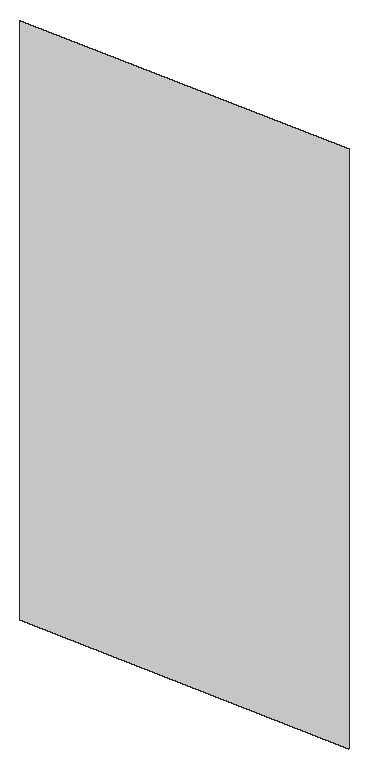
Revit family "Switch Single", category Electrical Fixtures, host Wall, Revit 2020
Family settings
  Host = Wall
  Maintain Annotation Orientation = No
  Round Connector Dimension = Use Diameter
  Part Type = Normal
  OmniClass Number = 23.80.50.11.14
  OmniClass Title = Switches
  Always vertical = Yes
  Cut with Voids When Loaded = No
  Shared = No
  Room Calculation Point = No
Parameters (values of type "Single")
  Width = 0' - 2 3/4"
  Placement Height = 4' - 0"
  Height = 0' - 4 1/2"
  Material = Plastic, Opaque White
  Default Elevation = 0' - 0"
Reference planes (in)
  plane 1: y = 0
  plane 2 "Center (Left/Right)": x = 0
  plane 3 "Back": y = 3
  plane 4 "Left": x = -1.375
  plane 5 "Right": x = 1.375
  plane 6: z = 45.75
  plane 7: z = 50.25
  plane 8: z = 48
  plane 9: y = 3.1875
  plane 10: y = 3.25
Forms (in)
  Blend 1, solid, material "Plastic, Opaque White" <- "Material"
    base sketch origin (0, 3, 0) x (1, 0, 0) y (0, 0, 1)
      loop
        line (1.375, 50.25) -> (-1.375, 50.25) -> (-1.375, 45.75) -> (1.375, 45.75) -> (1.375, 50.25)
    top sketch origin (0, 3, 0) x (1, 0, 0) y (0, 0, 1)
      loop
        line (1.1875, 50.0625) -> (-1.1875, 50.0625) -> (-1.1875, 45.9375) -> (1.1875, 45.9375) -> (1.1875, 50.0625)
    from 0 to -0.1875
Text (in)
  text "Placement Side" at (0, 40.15149, 123.01588), in view "Right"
  text "Placement Side" at (0, 47.49176, 140.59947), in view "Left"
Dimensions and locks (in)
  locked: plane 3 "Back" to host wall
  "Height": plane 6 to plane 7
  "Width": plane 5 "Right" to plane 4 "Left"
  equal spacing: plane 5 "Right", plane 2 "Center (Left/Right)", plane 4 "Left"
  equal spacing: plane 6, plane 8, plane 7
  "Placement Height": level to plane 8
  locked: plane 3 "Back" to plane 9 at 0.1875
  locked: plane 9 to plane 10 at 0.0625
  aligned and locked: plane 6 to Blend 1 sketch curve
  aligned and locked: plane 5 "Right" to Blend 1 sketch curve
  aligned and locked: Blend 1 sketch curve to plane 7
  aligned and locked: plane 3 "Back" to nested 1
Automatic sketch dimensions
  plane 4 "Left" to Blend 1 sketch curve = 0' - 0 3/16"
  Blend 1 sketch curve to plane 5 "Right" = 0' - 0 3/16"
  Blend 1 sketch curve to plane 6 = 0' - 0 3/16"
  plane 7 to Blend 1 sketch curve = 0' - 0 3/16"
  Blend 1 sketch curve to plane 4 "Left" = 0' - 0"
Nested families (in)
  nested 1: "Switch Annotation" at (-0.0036, 3, 0), type "Switch Annotation"
Definition of nested family "Switch Annotation"
  Reference planes (in)
    plane 1: y = 0
    plane 2: x = 0
  Lines and regions (in)
    detail lines
      curve 1: arc (0.01429, 0.11419, 0) -> (-0.01486, 0.11419, 0) -> (-0.00028, 0.08895, 0) r 0.01683
      curve 2: arc (-0.01822, 0.0574, 0) -> (0.01829, 0.05753, 0) -> (-0.00028, 0.08895, 0) r 0.02103
      curve 3: line (0, 0.04689, 0) -> (0, 0.00873, 0)
